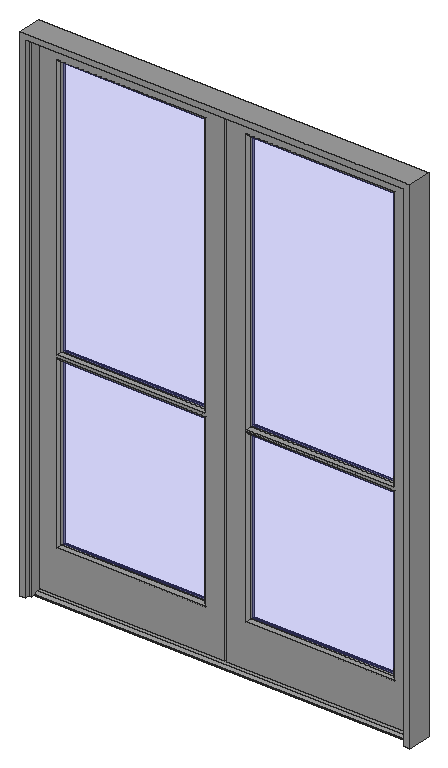
Revit family "MS-375 PIVOT DOOR-Double-0.25-CW_v05", category Curtain Panels, Revit 2015
Parameters
  Width [instance] = 6' - 2"
  URL = "obe.com"
  Rough Width = 6' - 0"
  Panel Width [instance] = Min Panel Width  # 6' - 0"
  Panel Offset [instance] = 0' - 0"
  Offset [instance] = 0' - 1"
  Model = "MS-375 DOOR"
  Min Rough Width = if(Rough Width > 6' 1 255/256", Rough Width, 6' 2")  # 6' - 2"
  Min Panel Width = if(Rough Width > 6' 1 255/256", Rough Width - 0' 2", 6' 0")  # 6' - 0"
  Manufacturer = "Oldcastle BuildingEnvelope®"
  Keynote = "08 11 00"
  Height [instance] = 8' - 0"
  Pushbar Height [instance] = 3' - 5 1/4"  # constant formula
  Glass Material = Glass
  Frame Material = Aluminum
  Door Panel Height [instance] = Height - 0' 0 19/32"  # 7' - 11 13/32"
  Description = "MS-375 - 1/4\" Door Infill"
  Assembly Code = "B2030"
  Analytic Construction = "<None>"
  8 Muntin [instance] = no
  6.5 Muntin [instance] = no
  10 Bottom Rail [instance] = not([8 Bottom Rail])  # no
  4 Muntin [instance] = no
  8 Bottom Rail [instance] = yes
  1.875 Muntin [instance] = no
  0.5 Muntin [instance] = if(or([1.875 Muntin], [4 Muntin], [6.5 Muntin], [8 Muntin]), 1 = 2, 1 = 1)  # yes
Reference planes (in)
  plane 1 "Front": y = 0
  plane 2: z = 0
  plane 3 "Center (Left/Right)": x = 0
  plane 4 "Left": x = -37
  plane 5 "Right": x = 37
  plane 6 "Top": z = 96
  plane 7 "Offset": y = -1
  plane 8: y = -2.28244
  plane 9: y = -2.28244
  plane 10: x = -37
  plane 11: x = 37
Forms (in)
  Sweep 1, solid, material "Aluminum" <- "Frame Material"
    path origin (0, -1, 0) x (-1, 0, 0) y (0, 0, 1)
      loop
        line (37, 0) -> (37, 96)
    profile origin (-37, -1, 48) x (1, 0, 0) y (0, 1, 0)
      loop
        line (1, -1.97) -> (1, 0) -> (0, 0) -> (0, -4.5) -> (1, -4.5) -> (1, -3.595) -> (1.5, -3.595) -> (1.5, -1.97) -> (1, -1.97)
  Sweep 2, solid, material "Aluminum" <- "Frame Material"
    path origin (0, -1, 0) x (-1, 0, 0) y (0, 0, 1)
      loop
        line (-37, 0) -> (-37, 96)
    profile origin (37, -1, 48) x (1, 0, 0) y (0, 1, 0)
      loop
        line (-1, -1.97) -> (-1.5, -1.97) -> (-1.5, -3.595) -> (-1, -3.595) -> (-1, -4.5) -> (0, -4.5) -> (0, 0) -> (-1, 0) -> (-1, -1.97)
  Extrusion 3, solid, material "Aluminum" <- "Frame Material"
    sketch origin (-37, 0, 0) x (0, -1, 0) y (0, 0, 1)
      loop
        line (2.97, 94.5) -> (4.595, 94.5) -> (4.595, 95) -> (5.5, 95) -> (5.5, 96) -> (1, 96) -> (1, 95) -> (2.97, 95) -> (2.97, 94.5)
    from -74 to 0
Cuts and joins
  joined: Sweep 1, Sweep 2, Extrusion 3
Text (in)
  text "Exterior" at (-54.29358, 31.38743, 0), in view "Ref. Level"
  text "Exterior" at (480, 41.53993, 89.60405), in view "Right"
  text "Exterior" at (-240, 57.82419, 105.78864), in view "Left"
Dimensions and locks (in)
  equal spacing: plane 4 "Left", plane 3 "Center (Left/Right)", plane 5 "Right"
  "Width": plane 4 "Left" to plane 5 "Right"
  "Height": plane 6 "Top" to plane 2
  "Offset": plane 1 "Front" to plane 7 "Offset"
  locked: plane 7 "Offset" to plane 8 at 1.28244
  locked: plane 7 "Offset" to plane 9 at 1.28244
  locked: plane 7 "Offset" to nested 4 at 1.28244
  Extrusion 3 sketch curve to Extrusion 3 sketch curve to Extrusion 3 sketch curve = 0' - 0 1/2" locked, 0' - 0" locked
  locked: Extrusion 3 sketch curve to Extrusion 3 sketch curve at 1
  plane 7 "Offset" to Extrusion 3 sketch curve to Extrusion 3 sketch curve to Extrusion 3 sketch curve to Extrusion 3 sketch curve = 0' - 0" locked, 0' - 1.97" locked, 0' - 1 5/8" locked, 0' - 0.905" locked
  equal spacing: plane 10, plane 3 "Center (Left/Right)", plane 11
  "Min Rough Width": plane 10 to plane 11
  aligned and locked: level to plane 2
  aligned and locked: nested 2 to plane 8
  aligned and locked: plane 9 to nested 3
  aligned and locked: plane 6 "Top" to Sweep 1 sketch curve
  aligned and locked: level to Sweep 1 sketch curve
  aligned and locked: plane 6 "Top" to Sweep 2 sketch curve
  aligned and locked: level to Sweep 2 sketch curve
  aligned and locked: plane 6 "Top" to nested 4
  aligned and locked: Extrusion 3 to plane 6 "Top"
  aligned and locked: Extrusion 3 sketch curve to plane 6 "Top"
  aligned and locked: nested 1 to plane 7 "Offset"  (x2)
  aligned and locked: plane 3 "Center (Left/Right)" to nested 1
  aligned and locked: nested 3 to plane 10
  aligned and locked: nested 2 to plane 11
  aligned and locked: Sweep 1 sketch curve to plane 10
  aligned and locked: cut or joined group of Sweep 1, Sweep 2, Extrusion 3 to plane 10
  aligned and locked: Sweep 2 sketch curve to plane 11
  aligned and locked: plane 11 to cut or joined group of Sweep 1, Sweep 2, Extrusion 3
Automatic sketch dimensions
  Sweep 1 sketch curve to profile plane = 0' - 0"
  Sweep 1 sketch curve to plane 7 "Offset" = 0' - 0"
  Sweep 1 sketch curve to profile plane = 0' - 1"  (x2)
  Sweep 1 sketch curve to Sweep 1 sketch curve = 0' - 0 1/2"
  Sweep 1 sketch curve to plane 7 "Offset" = 0' - 1.97"
  Sweep 1 sketch curve to Sweep 1 sketch curve = 0' - 1 5/8"
  Sweep 1 sketch curve to Sweep 1 sketch curve = 0' - 0.905"
  Sweep 2 sketch curve to plane 7 "Offset" = 0' - 0"
  Sweep 2 sketch curve to profile plane = 0' - 0"
  profile plane to Sweep 2 sketch curve = 0' - 1"  (x2)
  Sweep 2 sketch curve to Sweep 2 sketch curve = 0' - 0 1/2"
  Sweep 2 sketch curve to plane 7 "Offset" = 0' - 1.97"
  Sweep 2 sketch curve to Sweep 2 sketch curve = 0' - 1 5/8"
  Sweep 2 sketch curve to Sweep 2 sketch curve = 0' - 0.905"
Nested families (in)
  nested 1: "MS-375 PIVOT DOOR-Double-0.25-Panel_v04" at (0, -17, 0), Frame Material <- "Frame Material", Glass Material <- "Glass Material", 0.5 Muntin <- "0.5 Muntin", 1.875 Muntin <- "1.875 Muntin", 4 Muntin <- "4 Muntin", 6.5 Muntin <- "6.5 Muntin", 8 Muntin <- "8 Muntin", Height <- "Door Panel Height", Width <- "Min Panel Width", 8 Bottom Rail <- "8 Bottom Rail", type "MS-375 PIVOT DOOR-Double-0.25-Panel_v04"
    with Wing Width 3' - 0", built-in parameter 1001301 6' - 0", Pushbar Height 3' - 5 1/4", Offset 0' - 0", built-in parameter 1001300 7' - 11 13/32", Glass at Muntin 0' - 1 1/16", Glass Material Glass, Frame Material Aluminum, Bottom Rail 0' - 8 31/32", 8 Muntin no, 8 Bottom Rail yes, 6.5 Muntin no, 4 Muntin no, 1.875 Muntin no, 0.5 Muntin yes
  nested 2: "2.5x6-RTCIG CW-H8533-DHD-OHD SC-DI" at (37, -2.28244, 0) x (0, -1, 0) z (0, 0, 1), type "2.5x6-RTCIG CW-H8533-DHD-OHD SC-DI"
  nested 3: "2.5x6-RTCIG CW-H8533-DHD-OHD SC-DI" at (-37, -2.28244, 0) x (0, -1, 0) z (0, 0, 1), type "2.5x6-RTCIG CW-H8533-DHD-OHD SC-DI"
  nested 4: "2.5x6-RTCIG CW-H8533-DHD-OHD SC-DI" at (-33, -2.28244, 96) x (0, -1, 0) z (-1, 0, 0), type "2.5x6-RTCIG CW-H8533-DHD-OHD SC-DI"
Definition of nested family "MS-375 PIVOT DOOR-Double-0.25-Panel_v04"
  Parameters (values of type "MS-375 PIVOT DOOR-Double-0.25-Panel_v04")
    Wing Width [instance] = Width / 2  # 3' - 0"
    Width [instance] = 6' - 0"
    Offset [instance] = 0' - 10 29/32"
    Height [instance] = 8' - 0"
    Glass at Muntin [instance] = if([8 Muntin], 0' 8 9/16", if([6.5 Muntin], 0' 7 1/16", if([4 Muntin], 0' 4 9/16", if([1.875 Muntin], 0' 2 109/256", 0' 1 1/16"))))  # 0' - 1 1/16"
    Pushbar Height [instance] = 3' - 5 1/4"  # constant formula
    Glass Material [instance] = none
    Frame Material [instance] = none
    Bottom Rail [instance] = if([8 Bottom Rail], 0' 8 31/32", 0' 10 31/32")  # 0' - 8 31/32"
    Analytic Construction = "<None>"
    8 Muntin [instance] = no
    6.5 Muntin [instance] = no
    4 Muntin [instance] = no
    8 Bottom Rail [instance] = yes
    1.875 Muntin [instance] = no
    0.5 Muntin [instance] = if(or([1.875 Muntin], [4 Muntin], [6.5 Muntin], [8 Muntin]), 1 = 2, 1 = 1)  # yes
  Reference planes (in)
    plane 1 "00": y = 4.09375
    plane 2: z = 0
    plane 3 "Center (Left/Right)": x = 0
    plane 4: z = 96
    plane 5: x = 36
    plane 6: x = -36
    plane 7 "Center (Front/Back)": y = 16
    plane 8 "Exterior": y = 4.21875
    plane 9: z = 48
    plane 10: z = 92.18737
    plane 11: z = 41.78125
    plane 12: z = 40.71875
    plane 13: z = 8.96875
    plane 14 "Offset": y = 5.09375
    plane 15: z = 41.25
  Forms (in)
    Sweep 1, solid, material <- "Frame Material"
      path origin (0, 4.09375, 0) x (1, 0, 0) y (0, 0, 1)
        loop
          line (-35.79246, 96) -> (-0.22004, 96)
      profile origin (-18.00625, 4.09375, 96) x (0, 0, 1) y (0, -1, 0)
        loop
          line (-0.40638, -0.875) -> (-0.40638, 0.875) -> (-3.52731, 0.875) -> (-4.03138, 0.45204) -> (-4.03138, 0.125) -> (-3.81263, 0.125) -> (-3.81263, -0.125) -> (-4.03138, -0.125) -> (-4.03138, -0.45204) -> (-3.52731, -0.875) -> (-0.40638, -0.875)
    Sweep 2, solid, material <- "Frame Material"
      path origin (0, 4.09375, 0) x (1, 0, 0) y (0, 0, 1)
        loop
          line (-0.22004, 0) -> (-35.79246, 0)
      profile origin (-18.00625, 4.09375, 0) x (0, 0, -1) y (0, -1, 0)
        loop
          line (-8.68343, -0.875) -> (-0.6875, -0.875) -> (-0.6875, 0.875) -> (-8.68343, 0.875) -> (-9.1875, 0.45204) -> (-9.1875, 0.125) -> (-8.96875, 0.125) -> (-8.96875, -0.125) -> (-9.1875, -0.125) -> (-9.1875, -0.45204) -> (-8.68343, -0.875)
    Sweep 3, solid, material <- "Frame Material"
      path origin (0, 4.09375, 0) x (1, 0, 0) y (0, 0, 1)
        loop
          line (36, 95.59362) -> (36, 0.6875)
      profile origin (36, 4.09375, 48.14056) x (0, -1, 0) y (1, 0, 0)
        loop
          line (0.875, -0.19796) -> (-0.875, -0.08896) -> (-0.875, -3.83376) -> (-0.45204, -4.33783) -> (-0.125, -4.33783) -> (-0.125, -4.11908) -> (0.125, -4.11908) -> (0.125, -4.33783) -> (0.45204, -4.33783) -> (0.875, -3.83376) -> (0.875, -0.19796)
    Sweep 4, solid, material <- "Frame Material"
      path origin (0, 4.09375, 0) x (1, 0, 0) y (0, 0, 1)
        loop
          line (-36, 95.59362) -> (-36, 0.6875)
      profile origin (-36, 4.09375, 48.14056) x (0, -1, 0) y (1, 0, 0)
        loop
          line (-0.875, 0.09854) -> (0.875, 0.20754) -> (0.875, 3.84334) -> (0.45204, 4.34741) -> (0.125, 4.34741) -> (0.125, 4.12866) -> (-0.125, 4.12866) -> (-0.125, 4.34741) -> (-0.45204, 4.34741) -> (-0.875, 3.84334) -> (-0.875, 0.09854)
    Sweep 5, solid, material <- "Frame Material"
      path origin (0, 4.09375, 0) x (1, 0, 0) y (0, 0, 1)
        loop
          line (-3.80843, 48) -> (-35.79246, 48)
      profile origin (-19.80045, 4.09375, 48) x (0, 0, -1) y (0, -1, 0)
        loop
          line (6, 0.45204) -> (6, 0.125) -> (6.21875, 0.125) -> (6.21875, -0.125) -> (6, -0.125) -> (6, -0.45204) -> (6.50407, -0.875) -> (6.99593, -0.875) -> (7.5, -0.45204) -> (7.5, -0.125) -> (7.28125, -0.125) -> (7.28125, 0.125) -> (7.5, 0.125) -> (7.5, 0.45204) -> (6.99593, 0.875) -> (6.50407, 0.875) -> (6, 0.45204)
    Sweep 6, solid, material <- "Frame Material"
      path origin (0, 4.09375, 0) x (1, 0, 0) y (0, 0, 1)
        loop
          line (0, 95.59362) -> (0, 0.6875)
      profile origin (0, 4.09375, 48.14056) x (0, -1, 0) y (1, 0, 0)
        loop
          line (-0.875, -0.22004) -> (-0.875, -3.80843) -> (-0.45204, -4.3125) -> (-0.125, -4.3125) -> (-0.125, -4.09375) -> (0.125, -4.09375) -> (0.125, -4.3125) -> (0.45204, -4.3125) -> (0.875, -3.80843) -> (0.875, -0.22004)
          arc (0.875, -0.22004) -> (0, -0.0625) -> (-0.875, -0.22004) r 2.50872
        loop
          arc (-0.875, 0.22004) -> (0, 0.0625) -> (0.875, 0.22004) r 2.50872
          line (0.875, 0.22004) -> (0.875, 3.80843) -> (0.45204, 4.3125) -> (0.125, 4.3125) -> (0.125, 4.09375) -> (-0.125, 4.09375) -> (-0.125, 4.3125) -> (-0.45204, 4.3125) -> (-0.875, 3.80843) -> (-0.875, 0.22004)
    Sweep 7, solid, material <- "Frame Material"
      path origin (0, 4.09375, 0) x (1, 0, 0) y (0, 0, 1)
        loop
          line (0.22004, 96) -> (35.80204, 96)
      profile origin (18.01104, 4.09375, 96) x (0, 0, 1) y (0, -1, 0)
        loop
          line (-0.40638, -0.875) -> (-0.40638, 0.875) -> (-3.52731, 0.875) -> (-4.03138, 0.45204) -> (-4.03138, 0.125) -> (-3.81263, 0.125) -> (-3.81263, -0.125) -> (-4.03138, -0.125) -> (-4.03138, -0.45204) -> (-3.52731, -0.875) -> (-0.40638, -0.875)
    Sweep 8, solid, material <- "Frame Material"
      path origin (0, 4.09375, 0) x (1, 0, 0) y (0, 0, 1)
        loop
          line (35.80204, 48) -> (3.80843, 48)
      profile origin (19.80524, 4.09375, 48) x (0, 0, -1) y (0, -1, 0)
        loop
          line (6, 0.45204) -> (6, 0.125) -> (6.21875, 0.125) -> (6.21875, -0.125) -> (6, -0.125) -> (6, -0.45204) -> (6.50407, -0.875) -> (6.99593, -0.875) -> (7.5, -0.45204) -> (7.5, -0.125) -> (7.28125, -0.125) -> (7.28125, 0.125) -> (7.5, 0.125) -> (7.5, 0.45204) -> (6.99593, 0.875) -> (6.50407, 0.875) -> (6, 0.45204)
    Sweep 9, solid, material <- "Frame Material"
      path origin (0, 4.09375, 0) x (1, 0, 0) y (0, 0, 1)
        loop
          line (35.80204, 0) -> (0.22004, 0)
      profile origin (18.01104, 4.09375, 0) x (0, 0, -1) y (0, -1, 0)
        loop
          line (-8.68343, -0.875) -> (-0.6875, -0.875) -> (-0.6875, 0.875) -> (-8.68343, 0.875) -> (-9.1875, 0.45204) -> (-9.1875, 0.125) -> (-8.96875, 0.125) -> (-8.96875, -0.125) -> (-9.1875, -0.125) -> (-9.1875, -0.45204) -> (-8.68343, -0.875)
    Extrusion 10, solid, material <- "Glass Material"
      sketch origin (0, 0, 0) x (1, 0, 0) y (0, 1, 0)
        loop
          line (-31.87021, 4.21875) -> (-31.87021, 3.96875) -> (-4.09375, 3.96875) -> (-4.09375, 4.21875) -> (-31.87021, 4.21875)
      from 8.96875 to 40.71875
    Extrusion 11, solid, material <- "Glass Material"
      sketch origin (0, 0, 0) x (1, 0, 0) y (0, 1, 0)
        loop
          line (4.09375, 4.21875) -> (4.09375, 3.96875) -> (31.87979, 3.96875) -> (31.87979, 4.21875) -> (4.09375, 4.21875)
      from 8.96875 to 40.71875
    Extrusion 12, solid, material <- "Glass Material"
      sketch origin (0, 0, 0) x (1, 0, 0) y (0, 1, 0)
        loop
          line (-4.09375, 4.21875) -> (-31.87021, 4.21875) -> (-31.87021, 3.96875) -> (-4.09375, 3.96875) -> (-4.09375, 4.21875)
      from 41.78125 to 92.18737
    Extrusion 13, solid, material <- "Glass Material"
      sketch origin (0, 0, 0) x (1, 0, 0) y (0, 1, 0)
        loop
          line (31.87979, 4.21875) -> (4.09375, 4.21875) -> (4.09375, 3.96875) -> (31.87979, 3.96875) -> (31.87979, 4.21875)
      from 41.78125 to 92.18737
    Sweep 14, solid, material <- "Frame Material"
      path origin (0, 5.09375, 0) x (1, 0, 0) y (0, 0, 1)
        loop
          line (-35.79246, 0) -> (35.80204, 0)
      profile origin (0.00479, 5.09375, 0) x (0, 0, 1) y (0, -1, 0)
        loop
          line (0.5, 2.468) -> (0.19364, 3.125) -> (0, 3.125) -> (0, -0.875) -> (0.19364, -0.875) -> (0.5, -0.218) -> (0.5, 2.468)
  Cuts and joins
    joined: Sweep 1, Sweep 2, Sweep 3, Sweep 4, Sweep 5, Sweep 6, Sweep 7, Sweep 8, Sweep 9
  Lines and regions (in)
    model lines
      curve 1: line (4.09375, 4.21875, 92.18737) -> (31.66217, 4.21875, 48)
      curve 2: line (31.66217, 4.21875, 48) -> (4.09375, 4.21875, 8.96875)
      curve 3: line (-4.09375, 4.21875, 92.18737) -> (-31.65259, 4.21875, 48)
      curve 4: line (-31.65259, 4.21875, 48) -> (-4.09375, 4.21875, 8.96875)
  Dimensions and locks (in)
    "Height": plane 4 to level
    "Width": plane 6 to plane 5
    "Offset": plane 14 "Offset" to plane 7 "Center (Front/Back)"
    plane 1 "00" to plane 8 "Exterior" to plane 14 "Offset" = 0' - 0 1/8" locked, 0' - 0 7/8" locked
    equal spacing: level, plane 9, plane 4
    Sweep 2 sketch curve to plane 6 = 0' - 0.20754"
    locked: plane 3 "Center (Left/Right)" to Sweep 2 sketch curve at 0.22004
    locked: Sweep 3 sketch curve to plane 4 at 0.40638
    locked: Sweep 4 sketch curve to plane 4 at 0.40638
    locked: Sweep 1 sketch curve to plane 6 at 0.20754
    locked: plane 3 "Center (Left/Right)" to Sweep 1 sketch curve at 0.22004
    Sweep 2 sketch curve to Sweep 2 sketch curve to plane 13 to Sweep 2 sketch curve to Sweep 2 sketch curve = 0' - 0" locked, 0' - 0 7/32" locked, 0' - 0.28532" locked, 0' - 0" locked
    locked: plane 3 "Center (Left/Right)" to Sweep 5 sketch curve at 3.80843
    locked: Sweep 5 sketch curve to plane 6 at 0.20754
    "Glass at Muntin": plane 11 to plane 12
    plane 11 to Sweep 5 sketch curve to Sweep 5 sketch curve = 0' - 0.28532" locked, 0' - 0" locked
    Sweep 5 sketch curve to Sweep 5 sketch curve to plane 12 to Sweep 5 sketch curve to Sweep 5 sketch curve = 0' - 0" locked, 0' - 0.28532" locked, 0' - 0 7/32" locked, 0' - 0" locked
    locked: Sweep 7 sketch curve to plane 3 "Center (Left/Right)" at 0.22004
    locked: plane 5 to Sweep 7 sketch curve at 0.19796
    Sweep 8 sketch curve to Sweep 8 sketch curve to plane 12 to Sweep 8 sketch curve to Sweep 8 sketch curve = 0' - 0" locked, 0' - 0.28532" locked, 0' - 0 7/32" locked, 0' - 0" locked
    locked: plane 5 to Sweep 8 sketch curve at 0.19796
    Sweep 8 sketch curve to plane 3 "Center (Left/Right)" = 0' - 3.80843"
    Sweep 9 sketch curve to Sweep 9 sketch curve to plane 13 to Sweep 9 sketch curve to Sweep 9 sketch curve = 0' - 0" locked, 0' - 0 7/32" locked, 0' - 0.28532" locked, 0' - 0" locked
    locked: plane 5 to Sweep 9 sketch curve at 0.19796
    locked: Sweep 9 sketch curve to plane 3 "Center (Left/Right)" at 0.22004
    Extrusion 11 sketch curve to plane 1 "00" to Extrusion 11 sketch curve = 0' - 0 1/8" locked, 0' - 0 1/8" locked
    locked: Extrusion 11 sketch curve to plane 5 at 4.12021
    locked: plane 3 "Center (Left/Right)" to Extrusion 11 sketch curve at 4.09375
    Extrusion 10 sketch curve to plane 1 "00" to Extrusion 10 sketch curve = 0' - 0 1/8" locked, 0' - 0 1/8" locked
    locked: plane 6 to Extrusion 10 sketch curve at 4.12979
    locked: Extrusion 10 sketch curve to plane 3 "Center (Left/Right)" at 4.09375
    "Bottom Rail": level to plane 13
    locked: plane 6 to Extrusion 12 sketch curve at 4.12979
    locked: Extrusion 12 sketch curve to plane 3 "Center (Left/Right)" at 4.09375
    Extrusion 12 sketch curve to plane 1 "00" to Extrusion 12 sketch curve = 0' - 0 1/8" locked, 0' - 0 1/8" locked
    locked: plane 4 to plane 10 at 3.81263
    Extrusion 13 sketch curve to plane 1 "00" to Extrusion 13 sketch curve = 0' - 0 1/8" locked, 0' - 0 1/8" locked
    locked: Extrusion 13 sketch curve to plane 5 at 4.12021
    locked: plane 3 "Center (Left/Right)" to Extrusion 13 sketch curve at 4.09375
    locked: Sweep 6 sketch curve to plane 4 at 0.40638
    Sweep 8 sketch curve to Sweep 8 sketch curve to plane 11 = 0' - 0" locked, 0' - 0.28532" locked
    equal spacing: plane 6, plane 3 "Center (Left/Right)", plane 5
    equal spacing: plane 12, plane 15, plane 11
    "Pushbar Height": plane 2 to plane 15
    locked: plane 5 to Sweep 14 sketch curve at 0.19796
    locked: Sweep 14 sketch curve to plane 6 at 0.20754
    locked: Sweep 4 sketch curve to plane 2 at 0.6875
    locked: Sweep 6 sketch curve to plane 2 at 0.6875
    locked: Sweep 3 sketch curve to plane 2 at 0.6875
    locked: nested 1 to plane 1 "00" at 1.093
    aligned and locked: plane 2 to level
    aligned and locked: plane 3 "Center (Left/Right)" to nested 1
    aligned and locked: Sweep 1 sketch curve to plane 4
    aligned and locked: Sweep 2 sketch curve to level
    aligned and locked: level to nested 2
    aligned and locked: nested 2 to plane 1 "00"
    aligned and locked: plane 5 to Sweep 3 sketch curve
    aligned and locked: plane 6 to Sweep 4 sketch curve
    aligned and locked: Sweep 5 sketch curve to plane 9
    aligned and locked: plane 3 "Center (Left/Right)" to Sweep 6 sketch curve
    aligned and locked: Sweep 9 sketch curve to level
    aligned and locked: Sweep 8 sketch curve to plane 9
    aligned and locked: plane 4 to Sweep 7 sketch curve
    aligned and locked: Extrusion 12 to cut or joined group of Sweep 1, Sweep 2, Sweep 3, Sweep 4, Sweep 5, Sweep 6, Sweep 7, Sweep 8, Sweep 9
    aligned and locked: Extrusion 13 to cut or joined group of Sweep 1, Sweep 2, Sweep 3, Sweep 4, Sweep 5, Sweep 6, Sweep 7, Sweep 8, Sweep 9
    aligned and locked: Extrusion 12 to plane 10
    aligned and locked: Extrusion 10 to plane 12
    aligned and locked: plane 11 to Extrusion 12
    aligned and locked: plane 13 to Extrusion 10
    aligned and locked: Extrusion 13 to plane 10
    aligned and locked: plane 11 to Extrusion 13
    aligned and locked: Extrusion 11 to plane 12
    aligned and locked: plane 13 to Sweep 9 sketch curve
    aligned and locked: Sweep 5 sketch curve to plane 12
    aligned and locked: cut or joined group of Sweep 1, Sweep 2, Sweep 3, Sweep 4, Sweep 5, Sweep 6, Sweep 7, Sweep 8, Sweep 9 to curve 2
    aligned and locked: plane 13 to curve 2
    aligned and locked: cut or joined group of Sweep 1, Sweep 2, Sweep 3, Sweep 4, Sweep 5, Sweep 6, Sweep 7, Sweep 8, Sweep 9 to curve 1
    aligned and locked: curve 3 to cut or joined group of Sweep 1, Sweep 2, Sweep 3, Sweep 4, Sweep 5, Sweep 6, Sweep 7, Sweep 8, Sweep 9
    aligned and locked: plane 9 to curve 3
    aligned and locked: cut or joined group of Sweep 1, Sweep 2, Sweep 3, Sweep 4, Sweep 5, Sweep 6, Sweep 7, Sweep 8, Sweep 9 to curve 4
    aligned and locked: plane 13 to curve 4
    aligned and locked: plane 13 to Extrusion 11
    aligned and locked: Sweep 14 sketch curve to plane 2
  Automatic sketch dimensions
    plane 1 "00" to Sweep 6 sketch curve = 0' - 0"  (x2)
    Sweep 6 sketch curve to plane 1 "00" = 0' - 0 1/8"  (x2)
    Sweep 6 sketch curve to Sweep 6 sketch curve = 0' - 0.32704"  (x4)
    Sweep 6 sketch curve to profile plane = 0' - 0.22004"
    Sweep 6 sketch curve to plane 1 "00" = 0' - 0 7/8"
    Sweep 6 sketch curve to Sweep 6 sketch curve = 0' - 0.42296"  (x3)
    plane 1 "00" to Sweep 6 sketch curve = 0' - 0 1/8"  (x2)
    profile plane to Sweep 6 sketch curve = 0' - 0.22004"
    Sweep 6 sketch curve to Sweep 6 sketch curve = 0' - 3.58839"  (x2)
    Sweep 6 sketch curve to Sweep 6 sketch curve = 0' - 0"  (x2)
    Sweep 6 sketch curve to Sweep 6 sketch curve = 0' - 0.28532"  (x2)
    Sweep 6 sketch curve to Sweep 6 sketch curve = 0' - 1.52253"  (x2)
    Sweep 6 sketch curve to Sweep 6 sketch curve = 0' - 1.74128"  (x4)
    plane 1 "00" to Sweep 1 sketch curve = 0' - 0 1/8"
    profile plane to Sweep 1 sketch curve = 0' - 4.03138"
    Sweep 1 sketch curve to plane 1 "00" = 0' - 0.45204"
    Sweep 1 sketch curve to Sweep 1 sketch curve = 0' - 0"
    Sweep 1 sketch curve to Sweep 1 sketch curve = 0' - 0 7/32"
    plane 1 "00" to Sweep 1 sketch curve = 0' - 0 7/8"
    Sweep 1 sketch curve to Sweep 1 sketch curve = 0' - 0.50407"  (x2)
    profile plane to Sweep 1 sketch curve = 0' - 0.40638"
    Sweep 1 sketch curve to plane 1 "00" = 0' - 0 7/8"
    Sweep 1 sketch curve to plane 1 "00" = 0' - 0 1/8"
    Sweep 1 sketch curve to Sweep 1 sketch curve = 0' - 0.32704"
    Sweep 5 sketch curve to Sweep 5 sketch curve = 0' - 0 7/32"  (x2)
    Sweep 5 sketch curve to plane 1 "00" = 0' - 0 7/8"
    Sweep 5 sketch curve to plane 1 "00" = 0' - 0.45204"  (x2)
    Sweep 5 sketch curve to plane 1 "00" = 0' - 0 1/8"  (x2)
    plane 1 "00" to Sweep 5 sketch curve = 0' - 0 1/8"  (x2)
    Sweep 5 sketch curve to Sweep 5 sketch curve = 0' - 0.32704"  (x2)
    Sweep 5 sketch curve to Sweep 5 sketch curve = 0' - 0.42296"
    profile plane to Sweep 2 sketch curve = 0' - 0 11/16"
    Sweep 2 sketch curve to plane 1 "00" = 0' - 0.45204"
    Sweep 2 sketch curve to plane 1 "00" = 0' - 0 1/8"
    plane 1 "00" to Sweep 2 sketch curve = 0' - 0 1/8"
    Sweep 2 sketch curve to Sweep 2 sketch curve = 0' - 0.32704"
    Sweep 2 sketch curve to Sweep 2 sketch curve = 0' - 0.42296"  (x2)
    Sweep 2 sketch curve to Sweep 2 sketch curve = 0' - 0 7/32"
    plane 1 "00" to Sweep 7 sketch curve = 0' - 0 1/8"
    profile plane to Sweep 7 sketch curve = 0' - 4.03138"
    Sweep 7 sketch curve to plane 1 "00" = 0' - 0.45204"
    Sweep 7 sketch curve to Sweep 7 sketch curve = 0' - 0"
    Sweep 7 sketch curve to Sweep 7 sketch curve = 0' - 0 7/32"
    plane 1 "00" to Sweep 7 sketch curve = 0' - 0 7/8"
    Sweep 7 sketch curve to Sweep 7 sketch curve = 0' - 0.50407"  (x2)
    profile plane to Sweep 7 sketch curve = 0' - 0.40638"
    Sweep 7 sketch curve to plane 1 "00" = 0' - 0 7/8"
    Sweep 7 sketch curve to plane 1 "00" = 0' - 0 1/8"
    Sweep 7 sketch curve to Sweep 7 sketch curve = 0' - 0.32704"
    profile plane to Sweep 9 sketch curve = 0' - 0 11/16"
    Sweep 9 sketch curve to plane 1 "00" = 0' - 0.45204"
    Sweep 9 sketch curve to plane 1 "00" = 0' - 0 1/8"
    plane 1 "00" to Sweep 9 sketch curve = 0' - 0 1/8"
    Sweep 9 sketch curve to Sweep 9 sketch curve = 0' - 0.32704"
    Sweep 9 sketch curve to Sweep 9 sketch curve = 0' - 0.42296"  (x2)
    Sweep 8 sketch curve to Sweep 8 sketch curve = 0' - 0 7/32"  (x3)
    Sweep 8 sketch curve to plane 1 "00" = 0' - 0 7/8"
    Sweep 8 sketch curve to plane 1 "00" = 0' - 0.45204"  (x2)
    Sweep 8 sketch curve to plane 1 "00" = 0' - 0 1/8"  (x2)
    plane 1 "00" to Sweep 8 sketch curve = 0' - 0 1/8"  (x2)
    Sweep 8 sketch curve to Sweep 8 sketch curve = 0' - 0.32704"  (x2)
    Sweep 8 sketch curve to Sweep 8 sketch curve = 0' - 0.42296"
    Sweep 3 sketch curve to plane 1 "00" = 0' - 0 7/8"
    Sweep 3 sketch curve to plane 1 "00" = 0' - 0.45204"
    Sweep 3 sketch curve to plane 1 "00" = 0' - 0 1/8"
    plane 1 "00" to Sweep 3 sketch curve = 0' - 0 1/8"
    Sweep 3 sketch curve to Sweep 3 sketch curve = 0' - 0.32704"
    Sweep 3 sketch curve to Sweep 3 sketch curve = 0' - 0.42296"
    profile plane to Sweep 3 sketch curve = 0' - 4.33783"
    Sweep 3 sketch curve to Sweep 3 sketch curve = 0' - 0"
    Sweep 3 sketch curve to Sweep 3 sketch curve = 0' - 0 7/32"
    Sweep 3 sketch curve to Sweep 3 sketch curve = 0' - 0.50407"  (x2)
    profile plane to Sweep 3 sketch curve = 0' - 0.08896"
    profile plane to Sweep 3 sketch curve = 0' - 0.19796"
    Sweep 4 sketch curve to plane 1 "00" = 0' - 0 7/8"
    Sweep 4 sketch curve to plane 1 "00" = 0' - 0.45204"
    Sweep 4 sketch curve to plane 1 "00" = 0' - 0 1/8"
    plane 1 "00" to Sweep 4 sketch curve = 0' - 0 1/8"
    Sweep 4 sketch curve to Sweep 4 sketch curve = 0' - 0.32704"
    Sweep 4 sketch curve to Sweep 4 sketch curve = 0' - 0.42296"
    Sweep 4 sketch curve to profile plane = 0' - 3.84334"
    Sweep 4 sketch curve to Sweep 4 sketch curve = 0' - 0"
    Sweep 4 sketch curve to Sweep 4 sketch curve = 0' - 0.28532"
    Sweep 4 sketch curve to Sweep 4 sketch curve = 0' - 0 7/32"  (x2)
    Sweep 4 sketch curve to profile plane = 0' - 0.20754"
    Sweep 4 sketch curve to profile plane = 0' - 0.09854"
    Sweep 8 sketch curve to Sweep 8 sketch curve = 0' - 0.28532"
    Sweep 5 sketch curve to Sweep 5 sketch curve = 0' - 0.28532"
    curve 2 to plane 9 = 0' - 0"
    curve 3 to plane 10 = 0' - 0"
    curve 1 to plane 10 = 0' - 0"
    curve 2 to plane 5 = 0' - 4.33783"
    plane 6 to curve 3 = 0' - 4.34741"
    Sweep 14 sketch curve to profile plane = 0' - 0.19364"  (x2)
    Sweep 14 sketch curve to plane 14 "Offset" = 0' - 0.218"
    Sweep 14 sketch curve to Sweep 14 sketch curve = 0' - 2.686"
    Sweep 14 sketch curve to profile plane = 0' - 0"
    Sweep 14 sketch curve to Sweep 14 sketch curve = 0' - 0.657"  (x2)
    Sweep 14 sketch curve to profile plane = 0' - 0 1/2"
  Nested families (in)
    nested 1: "MS-375 PIVOT DOOR-Double-0.25-Plan View_v02" at (0, 4.09375, 0), Width <- "Width", Wing Width <- "Wing Width", type "MS-375 PIVOT DOOR-Double-0.25-Plan View_v02"
      with Wing Width 3' - 0", Width 6' - 0"
    nested 2: "MS-375 PIVOT DOOR-Double-0.25-Section_v02" at (0, 4.09375, 0) x (0, -1, 0) z (1, 0, 0), Height <- "Height", 0.5 Muntin <- "0.5 Muntin", 1.875 Muntin <- "1.875 Muntin", 4 Muntin <- "4 Muntin", 6.5 Muntin <- "6.5 Muntin", 8 Muntin <- "8 Muntin", 8 Bottom Rail <- "8 Bottom Rail", type "MS-375 PIVOT DOOR-Double-0.25-Section_v02"
      with Pushbar Height 3' - 5 1/4", Height 8' - 0", Glass at Muntins 0' - 1 1/16", Bottom Rail 0' - 8 31/32", 8 Muntin no, 8 Bottom Rail yes, 6.5 Muntin no, 4 Muntin no, 10 Bottom Rail no, 1.875 Muntin no, 0.5 Muntin yes
  Definition of nested family "MS-375 PIVOT DOOR-Double-0.25-Plan View_v02"
    Parameters (values of type "MS-375 PIVOT DOOR-Double-0.25-Plan View_v02")
      Wing Width [instance] = Width / 2  # 3' - 0"
      Width [instance] = 6' - 0"
    Reference planes (in)
      plane 1 "Center (Front/Back)": y = 0
      plane 2: z = 0
      plane 3 "Center (Left/Right)": x = 0
      plane 4: x = -36
      plane 5: x = 36
      plane 6: x = 34.65625
      plane 7: x = -34.65625
      plane 8: y = -1.093
      plane 9: x = 35.90625
      plane 10: y = 1.25
      plane 11: y = 37.25
      plane 12: x = -35.90625
      plane 13: y = 1.25
    Lines and regions (in)
      detail lines, in view "Ref. Level", not visible
        curve 1: line (-31.875, 0.125, 0) -> (-4.09375, 0.125, 0)
        curve 2: line (-31.875, -0.125, 0) -> (-4.09375, -0.125, 0)
        curve 8: line (4.09375, -0.125, 0) -> (31.875, -0.125, 0)
        curve 9: line (4.09375, 0.125, 0) -> (31.875, 0.125, 0)
      detail lines, in view "Ref. Level"
        curve 3: line (34.53125, 5.28125, 0) -> (34.53125, 33.0625, 0)
        curve 7: line (34.78125, 5.28125, 0) -> (34.78125, 33.0625, 0)
        curve 10: line (-34.53125, 5.28125, 0) -> (-34.53125, 33.05062, 0)
        curve 14: line (-34.78125, 5.28125, 0) -> (-34.78125, 33.05062, 0)
        curve 15: arc (34.65625, 37.09375, 0) -> (9.67701, 25.71148, 0) -> (0.0625, 0, 0) r 35.86554
        curve 16: arc (-34.65625, 37.08187, 0) -> (-9.68541, 25.70307, 0) -> (-0.07438, 0, 0) r 35.85366
      detail lines, in view "Ref. Level", detail levels fine
        curve 4: line (34.59375, 5.28125, 0) -> (34.59375, 33.0625, 0)
        curve 5: line (34.65625, 5.28125, 0) -> (34.65625, 33.0625, 0)
        curve 6: line (34.71875, 5.28125, 0) -> (34.71875, 33.0625, 0)
        curve 11: line (-34.59375, 5.28125, 0) -> (-34.59375, 33.05062, 0)
        curve 12: line (-34.65625, 5.28125, 0) -> (-34.65625, 33.05062, 0)
        curve 13: line (-34.71875, 5.28125, 0) -> (-34.71875, 33.05062, 0)
    Dimensions and locks (in)
      equal spacing: plane 4, plane 3 "Center (Left/Right)", plane 5
      "Wing Width": plane 10 to plane 11
      plane 13 to plane 11 = 3' - 0"
      locked: plane 4 to plane 7 at 1.34375
      "Width": plane 4 to plane 5
      locked: plane 1 "Center (Front/Back)" to plane 8 at 1.093
      plane 8 to nested 5 = 0' - 0"
      locked: plane 6 to plane 5 at 1.34375
      locked: plane 5 to nested 7 at 2.24925
      locked: nested 6 to plane 4 at 2.24925
      locked: plane 9 to plane 5 at 0.09375
      locked: plane 1 "Center (Front/Back)" to plane 10 at 1.25
      locked: nested 3 to plane 11 at 0.09375
      locked: plane 4 to plane 12 at 0.09375
      locked: plane 1 "Center (Front/Back)" to plane 13 at 1.25
      locked: nested 4 to plane 11 at 0.10563
      aligned and locked: plane 3 "Center (Left/Right)" to nested 1
      aligned and locked: nested 1 to plane 1 "Center (Front/Back)"
      aligned and locked: plane 3 "Center (Left/Right)" to nested 2
      aligned and locked: nested 2 to plane 1 "Center (Front/Back)"
      aligned and locked: nested 3 to plane 6
      aligned and locked: plane 7 to nested 4
      aligned and locked: plane 7 to nested 5
      aligned and locked: plane 1 "Center (Front/Back)" to nested 6
      aligned and locked: nested 7 to plane 1 "Center (Front/Back)"
      aligned and locked: nested 8 to plane 6
      aligned and locked: nested 4 to curve 10
      aligned and locked: nested 4 to curve 11
      aligned and locked: nested 4 to curve 12
      aligned and locked: nested 4 to curve 13
      aligned and locked: curve 14 to nested 4
      aligned and locked: curve 10 to nested 5
      aligned and locked: nested 5 to curve 11
      aligned and locked: nested 5 to curve 12
      aligned and locked: nested 5 to curve 13
      aligned and locked: nested 5 to curve 14
      aligned and locked: nested 6 to curve 1
      aligned and locked: curve 2 to nested 6
      aligned and locked: curve 1 to nested 1
      aligned and locked: nested 1 to curve 2
      aligned and locked: curve 9 to nested 2
      aligned and locked: nested 2 to curve 8
      aligned and locked: nested 7 to nested 7
      aligned and locked: nested 8 to curve 7
      aligned and locked: nested 8 to curve 6
      aligned and locked: nested 8 to curve 5
      aligned and locked: nested 8 to curve 4
      aligned and locked: curve 3 to nested 8
      aligned and locked: nested 3 to curve 7
      aligned and locked: nested 3 to curve 6
      aligned and locked: nested 3 to curve 5
      aligned and locked: nested 3 to curve 4
      aligned and locked: nested 3 to curve 3
      aligned and locked: nested 1 to nested 1  (x2)
      aligned and locked: nested 8 to nested 8
      aligned and locked: plane 8 to nested 8
    Automatic sketch dimensions
      curve 12 to plane 7 = 0' - 0"
      curve 16 to plane 7 = 0' - 0"
      plane 1 "Center (Front/Back)" to curve 16 = 0' - 0"
      plane 1 "Center (Front/Back)" to curve 15 = 0' - 0"
      curve 5 to plane 6 = 0' - 0"
      curve 15 to plane 6 = 0' - 0"
      curve 15 to plane 9 = 0' - 0"
      plane 10 to curve 15 = 0' - 0"
      curve 14 to curve 12 = 0' - 0 1/8"
      curve 13 to curve 12 = 0' - 0 1/16"
      plane 7 to curve 11 = 0' - 0 1/16"
      curve 11 to curve 10 = 0' - 0 1/16"
      curve 16 to plane 3 "Center (Left/Right)" = 0' - 0.07438"
      plane 3 "Center (Left/Right)" to curve 15 = 0' - 0 1/16"
      curve 9 to plane 1 "Center (Front/Back)" = 0' - 0 1/8"
      plane 6 to curve 9 = 0' - 2 25/32"
      curve 8 to curve 9 = 0' - 0"
      plane 6 to curve 3 = 0' - 0 1/8"
      plane 6 to curve 4 = 0' - 0 1/16"
      curve 5 to curve 6 = 0' - 0 1/16"
      curve 6 to curve 7 = 0' - 0 1/16"
      plane 1 "Center (Front/Back)" to curve 8 = 0' - 0 1/8"
      plane 1 "Center (Front/Back)" to curve 2 = 0' - 0 1/8"
      curve 1 to plane 1 "Center (Front/Back)" = 0' - 0 1/8"
      curve 16 to plane 10 = 0' - 0"
      curve 16 to plane 12 = 0' - 0"
    Nested families (in)
      nested 1: "M STILE L-DI" at (0, 0, 0) x (-1, 0, 0) z (0, 0, 1), type "M STILE L-DI", in view "Ref. Level", not visible
      nested 2: "M STILE R-DI" at (0, 0, 0) x (-1, 0, 0) z (0, 0, 1), type "M STILE R-DI", in view "Ref. Level", not visible
      nested 3: "M STILE R-DI" at (34.65625, 37.15625, 0) x (0, 1, 0) z (0, 0, 1), type "M STILE R-DI", in view "Ref. Level"
      nested 4: "M STILE R-DI" at (-34.65625, 37.14437, 0) x (0, 1, 0) z (0, 0, 1), type "M STILE R-DI", in view "Ref. Level"
      nested 5: "HINGE-PD-DI" at (-34.65625, -1.093, 0) x (0, 1, 0) z (0, 0, 1), type "HINGE-HD-DI", in view "Ref. Level"
      nested 6: "HINGE-PD-DI" at (-38.24925, 0, 0), type "HINGE-HD-DI", in view "Ref. Level", not visible
      nested 7: "HINGE-PD-DI" at (38.24925, 0, 0) x (-1, 0, 0) z (0, 0, 1), type "HINGE-HD-DI", in view "Ref. Level", not visible
      nested 8: "HINGE-PD-DI" at (34.65625, -1.093, 0) x (0, 1, 0) z (0, 0, 1), type "HINGE-HD-DI", in view "Ref. Level"
    Definition of nested family "M STILE L-DI"
      Reference planes (in)
        plane 1 "Center (Front/Back)": y = 0
        plane 2: z = 0
        plane 3 "Center (Left/Right)": x = 0
      Lines and regions (in)
        detail lines, in view "Ref. Level"
          curve 1: arc (0.22004, 0.875, 0) -> (0.0625, 0, 0) -> (0.22004, -0.875, 0) r 2.50872
          curve 2: line (0.22004, 0.875, 0) -> (3.80843, 0.875, 0)
          curve 3: line (3.80843, 0.875, 0) -> (4.3125, 0.45204, 0)
          curve 4: line (4.3125, 0.45204, 0) -> (4.3125, 0.125, 0)
          curve 5: line (4.3125, 0.125, 0) -> (4.09375, 0.125, 0)
          curve 6: line (4.09375, 0.125, 0) -> (4.09375, -0.125, 0)
          curve 7: line (4.09375, -0.125, 0) -> (4.3125, -0.125, 0)
          curve 8: line (4.3125, -0.125, 0) -> (4.3125, -0.45204, 0)
          curve 9: line (4.3125, -0.45204, 0) -> (3.80843, -0.875, 0)
          curve 10: line (3.80843, -0.875, 0) -> (0.22004, -0.875, 0)
    Definition of nested family "M STILE R-DI"
      Reference planes (in)
        plane 1 "Center (Front/Back)": y = 0
        plane 2: z = 0
        plane 3 "Center (Left/Right)": x = 0
      Lines and regions (in)
        detail lines, in view "Ref. Level"
          curve 1: arc (-0.22063, -0.875, 0) -> (-0.0625, 0, 0) -> (-0.22063, 0.875, 0) r 2.5
          curve 2: line (-0.22063, 0.875, 0) -> (-3.80843, 0.875, 0)
          curve 3: line (-3.80843, 0.875, 0) -> (-4.3125, 0.45204, 0)
          curve 4: line (-4.3125, 0.45204, 0) -> (-4.3125, 0.125, 0)
          curve 5: line (-4.3125, 0.125, 0) -> (-4.09375, 0.125, 0)
          curve 6: line (-4.09375, 0.125, 0) -> (-4.09375, -0.125, 0)
          curve 7: line (-4.09375, -0.125, 0) -> (-4.3125, -0.125, 0)
          curve 8: line (-4.3125, -0.125, 0) -> (-4.3125, -0.45204, 0)
          curve 9: line (-4.3125, -0.45204, 0) -> (-3.80843, -0.875, 0)
          curve 10: line (-3.80843, -0.875, 0) -> (-0.22063, -0.875, 0)
    Definition of nested family "HINGE-PD-DI"
      Reference planes (in)
        plane 1 "Center (Front/Back)": y = 0
        plane 2: z = 0
        plane 3 "Center (Left/Right)": x = 0
      Lines and regions (in)
        detail lines, in view "Ref. Level"
          curve 1: line (2.343, -0.875, 0) -> (2.452, 0.875, 0)
          curve 2: line (2.452, 0.875, 0) -> (6.08893, 0.875, 0)
          curve 3: line (6.08893, 0.875, 0) -> (6.593, 0.45204, 0)
          curve 4: line (6.593, 0.45204, 0) -> (6.593, 0.125, 0)
          curve 5: line (6.593, 0.125, 0) -> (6.37425, 0.125, 0)
          curve 6: line (6.37425, 0.125, 0) -> (6.37425, -0.125, 0)
          curve 7: line (6.37425, -0.125, 0) -> (6.593, -0.125, 0)
          curve 8: line (6.593, -0.125, 0) -> (6.593, -0.45204, 0)
          curve 9: line (6.593, -0.45204, 0) -> (6.08893, -0.875, 0)
          curve 10: line (6.08893, -0.875, 0) -> (2.343, -0.875, 0)
  Definition of nested family "MS-375 PIVOT DOOR-Double-0.25-Section_v02"
    Parameters (values of type "MS-375 PIVOT DOOR-Double-0.25-Section_v02")
      Height [instance] = 6' - 0"
      Glass at Muntins [instance] = if([8 Muntin], 0' 8 9/16", if([6.5 Muntin], 0' 7 1/16", if([4 Muntin], 0' 4 9/16", if([1.875 Muntin], 0' 2 7/16", 0' 1 1/16"))))  # 0' - 8 9/16"
      Pushbar Height [instance] = 3' - 5 1/4"  # constant formula
      Bottom Rail [instance] = if([10 Bottom Rail], 0' 10 31/32", 0' 8 31/32")  # 0' - 10 31/32"
      8 Muntin [instance] = yes
      6.5 Muntin [instance] = no
      10 Bottom Rail [instance] = not([8 Bottom Rail])  # yes
      4 Muntin [instance] = no
      8 Bottom Rail [instance] = no
      1.875 Muntin [instance] = no
      0.5 Muntin [instance] = if(or([1.875 Muntin], [4 Muntin], [6.5 Muntin], [8 Muntin]), 1 = 2, 1 = 1)  # no
    Reference planes (in)
      plane 1 "Center (Front/Back)": y = 0
      plane 2: z = 0
      plane 3 "Center (Left/Right)": x = 0
      plane 4: y = 10.96875
      plane 5: y = 68.18738
      plane 6: y = 72
      plane 7: y = 45.53125
      plane 8: y = 41.25
      plane 9: y = 45.75
      plane 10: y = 36.96875
      plane 11: y = 45
      plane 12: y = 43.75
      plane 13: y = 42.46375
      plane 14: y = 42
    Lines and regions (in)
      detail lines, in view "Ref. Level"
        curve 1: line (-0.125, 68.18738, 0) -> (-0.125, 45.53125, 0)
        curve 5: line (0.125, 68.18738, 0) -> (0.125, 45.53125, 0)
        curve 6: line (0.125, 36.96875, 0) -> (0.125, 10.96875, 0)
        curve 10: line (-0.125, 36.96875, 0) -> (-0.125, 10.96875, 0)
      detail lines, in view "Ref. Level", detail levels fine
        curve 2: line (-0.0625, 68.18738, 0) -> (-0.0625, 45.53125, 0)
        curve 3: line (0, 68.18738, 0) -> (0, 45.53125, 0)
        curve 4: line (0.0625, 68.18738, 0) -> (0.0625, 45.53125, 0)
        curve 7: line (0.0625, 36.96875, 0) -> (0.0625, 10.96875, 0)
        curve 8: line (0, 36.96875, 0) -> (0, 10.96875, 0)
        curve 9: line (-0.0625, 36.96875, 0) -> (-0.0625, 10.96875, 0)
    Dimensions and locks (in)
      "Bottom Rail": plane 4 to plane 1 "Center (Front/Back)"
      "Height": plane 6 to plane 1 "Center (Front/Back)"
      "Pushbar Height": plane 1 "Center (Front/Back)" to plane 8
      nested 1 to plane 6 to plane 5 = 0' - 3.09362" locked, 0' - 3.81263" locked
      equal spacing: plane 10, plane 8, plane 7
      "Glass at Muntins": plane 10 to plane 7
      plane 8 to plane 14 to plane 13 to plane 12 to plane 11 to plane 9 = 0' - 0 3/4" locked, 0' - 0.46375" locked, 0' - 1.28625" locked, 0' - 1 1/4" locked, 0' - 0 3/4" locked
      aligned and locked: plane 5 to curve 2
      aligned and locked: plane 5 to curve 1
      aligned and locked: plane 3 "Center (Left/Right)" to nested 1
      aligned and locked: plane 3 "Center (Left/Right)" to nested 2
      aligned and locked: plane 4 to curve 10
      aligned and locked: plane 4 to curve 9
      aligned and locked: plane 4 to curve 6
      aligned and locked: plane 4 to curve 7
      aligned and locked: plane 4 to curve 8
      aligned and locked: plane 5 to curve 5
      aligned and locked: plane 5 to curve 4
      aligned and locked: plane 5 to curve 3
      aligned and locked: plane 3 "Center (Left/Right)" to nested 3
      aligned and locked: plane 3 "Center (Left/Right)" to nested 4
      aligned and locked: plane 7 to curve 1
      aligned and locked: plane 7 to curve 2
      aligned and locked: plane 7 to curve 3
      aligned and locked: plane 7 to curve 4
      aligned and locked: plane 7 to curve 5
      aligned and locked: plane 3 "Center (Left/Right)" to nested 5
      aligned and locked: plane 3 "Center (Left/Right)" to nested 6
      aligned and locked: plane 3 "Center (Left/Right)" to nested 7
      aligned and locked: plane 9 to nested 8
      aligned and locked: plane 3 "Center (Left/Right)" to nested 8
      aligned and locked: plane 1 "Center (Front/Back)" to nested 3
      aligned and locked: plane 1 "Center (Front/Back)" to nested 2
      aligned and locked: plane 11 to nested 7
      aligned and locked: plane 12 to nested 6
      aligned and locked: plane 13 to nested 5
      aligned and locked: plane 14 to nested 4
    Automatic sketch dimensions
      curve 8 to plane 3 "Center (Left/Right)" = 0' - 0"
      curve 3 to plane 3 "Center (Left/Right)" = 0' - 0"
      curve 9 to plane 3 "Center (Left/Right)" = 0' - 0 1/16"
      curve 2 to plane 3 "Center (Left/Right)" = 0' - 0 1/16"
      curve 1 to curve 2 = 0' - 0 1/16"
      curve 10 to curve 9 = 0' - 0 1/16"
      plane 3 "Center (Left/Right)" to curve 7 = 0' - 0 1/16"
      plane 3 "Center (Left/Right)" to curve 4 = 0' - 0 1/16"
      curve 7 to curve 6 = 0' - 0 1/16"
      curve 4 to curve 5 = 0' - 0 1/16"
      plane 10 to curve 6 = 0' - 0"
      plane 10 to curve 8 = 0' - 0"
      plane 10 to curve 7 = 0' - 0"
      plane 10 to curve 10 = 0' - 0"
      plane 10 to curve 9 = 0' - 0"
    Nested families (in)
      nested 1: "TOP RAIL-DI" at (0, 75.09362, 0), type "TOP RAIL-DI", in view "Ref. Level"
      nested 2: "8 BOT RAIL-DI" at (0, 9.1875, 0), visible <- "8 Bottom Rail", type "4 BOT RAIL-DI", in view "Ref. Level"
      nested 3: "10 BOT RAIL-DI" at (0, 11.1875, 0), visible <- "10 Bottom Rail", type "6.5 BOT RAIL-DI", in view "Ref. Level"
      nested 4: "0.5 MUNTIN-DI" at (0, 42, 0), visible <- "0.5 Muntin", type "0.5 MUNTIN-DI", in view "Ref. Level"
      nested 5: "1.875 MUNTIN-DI" at (0, 42.6825, 0), visible <- "1.875 Muntin", type "1.875 MUNTIN-DI", in view "Ref. Level"
      nested 6: "4 MUNTIN-DI" at (0, 43.75, 0), visible <- "4 Muntin", type "4 MUNTIN-DI", in view "Ref. Level"
      nested 7: "6.5 MUNTIN-DI" at (0, 45, 0), visible <- "6.5 Muntin", type "6.5 MUNTIN-DI", in view "Ref. Level"
      nested 8: "8 MUNTIN-DI" at (0, 45.75, 0), visible <- "8 Muntin", type "8 MUNTIN-DI", in view "Ref. Level"
    Definition of nested family "TOP RAIL-DI"
      Reference planes (in)
        plane 1 "Center (Front/Back)": y = 0
        plane 2: z = 0
        plane 3 "Center (Left/Right)": x = 0
      Lines and regions (in)
        detail lines, in view "Ref. Level"
          curve 1: line (-0.875, -3.625, 0) -> (0.875, -3.625, 0)
          curve 2: line (0.875, -3.625, 0) -> (0.875, -6.62093, 0)
          curve 3: line (0.875, -6.62093, 0) -> (0.45204, -7.125, 0)
          curve 4: line (0.45204, -7.125, 0) -> (0.125, -7.125, 0)
          curve 5: line (0.125, -7.125, 0) -> (0.125, -6.90625, 0)
          curve 6: line (0.125, -6.90625, 0) -> (-0.125, -6.90625, 0)
          curve 7: line (-0.125, -6.90625, 0) -> (-0.125, -7.125, 0)
          curve 8: line (-0.125, -7.125, 0) -> (-0.45204, -7.125, 0)
          curve 9: line (-0.45204, -7.125, 0) -> (-0.875, -6.62093, 0)
          curve 10: line (-0.875, -6.62093, 0) -> (-0.875, -3.625, 0)
    Definition of nested family "8 BOT RAIL-DI"
      Reference planes (in)
        plane 1 "Center (Front/Back)": y = 0
        plane 2: z = 0
        plane 3 "Center (Left/Right)": x = 0
      Lines and regions (in)
        detail lines, in view "Ref. Level"
          curve 1: line (-0.125, -0.21875, 0) -> (-0.125, 0, 0)
          curve 2: line (-0.125, 0, 0) -> (-0.45204, 0, 0)
          curve 3: line (-0.45204, 0, 0) -> (-0.875, -0.50407, 0)
          curve 4: line (-0.875, -0.50407, 0) -> (-0.875, -8.5, 0)
          curve 5: line (-0.875, -8.5, 0) -> (0.875, -8.5, 0)
          curve 6: line (0.875, -8.5, 0) -> (0.875, -0.50407, 0)
          curve 7: line (0.875, -0.50407, 0) -> (0.45204, 0, 0)
          curve 8: line (0.45204, 0, 0) -> (0.125, 0, 0)
          curve 9: line (0.125, -0.21875, 0) -> (0.125, 0, 0)
          curve 10: line (0.125, -0.21875, 0) -> (-0.125, -0.21875, 0)
          curve 11: line (-1.1555, -8.6875, 0) -> (1.5305, -8.6875, 0)
          curve 12: line (1.5305, -8.6875, 0) -> (2.1875, -8.99386, 0)
          curve 13: line (2.1875, -8.99386, 0) -> (2.1875, -9.18749, 0)
          curve 14: line (2.1875, -9.18749, 0) -> (-1.8125, -9.18749, 0)
          curve 15: line (-1.8125, -9.18749, 0) -> (-1.8125, -8.99386, 0)
          curve 16: line (-1.8125, -8.99386, 0) -> (-1.1555, -8.6875, 0)
    Definition of nested family "10 BOT RAIL-DI"
      Reference planes (in)
        plane 1 "Center (Front/Back)": y = 0
        plane 2: z = 0
        plane 3 "Center (Left/Right)": x = 0
      Lines and regions (in)
        detail lines, in view "Ref. Level"
          curve 1: line (0.125, -0.21875, 0) -> (-0.125, -0.21875, 0)
          curve 2: line (-0.125, -0.21875, 0) -> (-0.125, 0, 0)
          curve 3: line (-0.125, 0, 0) -> (-0.45204, 0, 0)
          curve 4: line (-0.45204, 0, 0) -> (-0.875, -0.50407, 0)
          curve 5: line (-0.875, -0.50407, 0) -> (-0.875, -10.5, 0)
          curve 6: line (-0.875, -10.5, 0) -> (0.875, -10.5, 0)
          curve 7: line (0.875, -10.5, 0) -> (0.875, -0.50407, 0)
          curve 8: line (0.875, -0.50407, 0) -> (0.45204, 0, 0)
          curve 9: line (0.45204, 0, 0) -> (0.125, 0, 0)
          curve 10: line (0.125, 0, 0) -> (0.125, -0.21875, 0)
          curve 11: line (-1.1555, -10.6875, 0) -> (-1.8125, -10.99386, 0)
          curve 12: line (-1.8125, -10.99386, 0) -> (-1.8125, -11.18749, 0)
          curve 13: line (-1.8125, -11.18749, 0) -> (2.1875, -11.18749, 0)
          curve 14: line (2.1875, -11.18749, 0) -> (2.1875, -10.99386, 0)
          curve 15: line (2.1875, -10.99386, 0) -> (1.5305, -10.6875, 0)
          curve 16: line (1.5305, -10.6875, 0) -> (-1.1555, -10.6875, 0)
    Definition of nested family "0.5 MUNTIN-DI"
      Reference planes (in)
        plane 1 "Center (Front/Back)": y = 0
        plane 2: z = 0
        plane 3 "Center (Left/Right)": x = 0
    Definition of nested family "1.875 MUNTIN-DI"
      Reference planes (in)
        plane 1 "Center (Front/Back)": y = 0
        plane 2: z = 0
        plane 3 "Center (Left/Right)": x = 0
      Lines and regions (in)
        detail lines, in view "Ref. Level"
          curve 1: line (0.125, -0.21875, 0) -> (-0.125, -0.21875, 0)
          curve 2: line (-0.125, -0.21875, 0) -> (-0.125, 0, 0)
          curve 3: line (-0.125, 0, 0) -> (-0.45204, 0, 0)
          curve 4: line (-0.45204, 0, 0) -> (-0.875, -0.50407, 0)
          curve 5: line (-0.875, -0.50407, 0) -> (-0.875, -2.36093, 0)
          curve 6: line (-0.875, -2.36093, 0) -> (-0.45204, -2.865, 0)
          curve 7: line (-0.45204, -2.865, 0) -> (-0.125, -2.865, 0)
          curve 8: line (-0.125, -2.865, 0) -> (-0.125, -2.64625, 0)
          curve 9: line (-0.125, -2.64625, 0) -> (0.125, -2.64625, 0)
          curve 10: line (0.125, -2.64625, 0) -> (0.125, -2.865, 0)
          curve 11: line (0.125, -2.865, 0) -> (0.45204, -2.865, 0)
          curve 12: line (0.45204, -2.865, 0) -> (0.875, -2.36093, 0)
          curve 13: line (0.875, -2.36093, 0) -> (0.875, -0.50407, 0)
          curve 14: line (0.45204, 0, 0) -> (0.875, -0.50407, 0)
          curve 15: line (0.45204, 0, 0) -> (0.125, 0, 0)
          curve 16: line (0.125, 0, 0) -> (0.125, -0.21875, 0)
          curve 17: line (-0.125, -0.21875, 0) -> (-0.125, 0, 0)
    Definition of nested family "4 MUNTIN-DI"
      Reference planes (in)
        plane 1 "Center (Front/Back)": y = 0
        plane 2: z = 0
        plane 3 "Center (Left/Right)": x = 0
    Definition of nested family "6.5 MUNTIN-DI"
      Reference planes (in)
        plane 1 "Center (Front/Back)": y = 0
        plane 2: z = 0
        plane 3 "Center (Left/Right)": x = 0
    Definition of nested family "8 MUNTIN-DI"
      Reference planes (in)
        plane 1 "Center (Front/Back)": y = 0
        plane 2: z = 0
        plane 3 "Center (Left/Right)": x = 0
      Lines and regions (in)
        detail lines, in view "Ref. Level"
          curve 1: line (0.125, -0.21875, 0) -> (-0.125, -0.21875, 0)
          curve 2: line (-0.125, -0.21875, 0) -> (-0.125, 0, 0)
          curve 3: line (-0.125, 0, 0) -> (-0.45204, 0, 0)
          curve 4: line (-0.45204, 0, 0) -> (-0.875, -0.50407, 0)
          curve 5: line (-0.875, -0.50407, 0) -> (-0.875, -8.49593, 0)
          curve 6: line (-0.875, -8.49593, 0) -> (-0.45204, -9, 0)
          curve 7: line (-0.45204, -9, 0) -> (-0.125, -9, 0)
          curve 8: line (-0.125, -9, 0) -> (-0.125, -8.78125, 0)
          curve 9: line (-0.125, -8.78125, 0) -> (0.125, -8.78125, 0)
          curve 10: line (0.125, -8.78125, 0) -> (0.125, -9, 0)
          curve 11: line (0.125, -9, 0) -> (0.45204, -9, 0)
          curve 12: line (0.45204, -9, 0) -> (0.875, -8.49593, 0)
          curve 13: line (0.875, -8.49593, 0) -> (0.875, -0.50407, 0)
          curve 14: line (0.875, -0.50407, 0) -> (0.45204, 0, 0)
          curve 15: line (0.45204, 0, 0) -> (0.125, 0, 0)
          curve 16: line (0.125, -0.21875, 0) -> (0.125, 0, 0)
Definition of nested family "2.5x6-RTCIG CW-H8533-DHD-OHD SC-DI"
  Reference planes (in)
    plane 1 "Center (Front/Back)": y = 0
    plane 2: z = 0
    plane 3 "Center (Left/Right)": x = 0
  Lines and regions (in)
    Filled region 1, type "2.5x6.75-RC CW-SSA-SG-H1416-DHD-OHD SC-FINE-1", in view "Ref. Level", detail levels fine
      outline origin (0, 2.5, 0) x (1, 0, 0) y (0, 1, 0)
        loop
          line (-1.03244, -2.5) -> (-1.28244, -2.5)
          arc (-1.28244, -2.5) -> (-1.26095, -2.625) -> (-1.28244, -2.75) r 0.37439
          line (-1.28244, -2.75) -> (-1.03244, -2.75) -> (-1.03244, -2.5)
    Filled region 2, type "2.5x6.75-RC CW-SSA-SG-H1416-DHD-OHD SC-FINE-1", in view "Ref. Level", detail levels fine
      outline origin (0, 2.5, 0) x (1, 0, 0) y (0, 1, 0)
        loop
          line (2.96756, -2.5) -> (2.96756, -2.75) -> (3.21756, -2.75)
          arc (3.21756, -2.75) -> (3.19608, -2.625) -> (3.21756, -2.5) r 0.37439
          line (3.21756, -2.5) -> (2.96756, -2.5)
    Filled region 3, type "2.5x6.75-RC CW-SSA-SG-H1416-DHD-OHD SC-FINE-1", in view "Ref. Level", not visible, detail levels fine
      outline origin (0, 2.5, 0) x (1, 0, 0) y (0, 1, 0)
        loop
          line (-1.03244, -2.5) -> (-1.28244, -2.5)
          arc (-1.28244, -2.5) -> (-1.26095, -2.625) -> (-1.28244, -2.75) r 0.37439
          line (-1.28244, -2.75) -> (-1.03244, -2.75) -> (-1.03244, -2.5)
    Filled region 4, type "2.5x6.75-RC CW-SSA-SG-H1416-DHD-OHD SC-FINE-1", in view "Ref. Level", not visible, detail levels fine
      outline origin (0, 2.5, 0) x (1, 0, 0) y (0, 1, 0)
        loop
          line (2.96756, -2.5) -> (2.96756, -2.75) -> (3.21756, -2.75)
          arc (3.21756, -2.75) -> (3.19608, -2.625) -> (3.21756, -2.5) r 0.37439
          line (3.21756, -2.5) -> (2.96756, -2.5)
    detail lines, in view "Ref. Level", detail levels fine
      curve 1: arc (1.65506, -0.328, 0) -> (1.67791, -0.38315, 0) -> (1.73306, -0.406, 0) r 0.078
      curve 2: arc (0.20206, -0.406, 0) -> (0.25722, -0.38315, 0) -> (0.28006, -0.328, 0) r 0.078
      curve 3: arc (0.68756, -1.173, 0) -> (0.71506, -1.2005, 0) -> (0.74256, -1.173, 0) r 0.0275
      curve 4: arc (0.74256, -1.408, 0) -> (0.71506, -1.3805, 0) -> (0.68756, -1.408, 0) r 0.0275
      curve 5: arc (2.00056, -1, 0) -> (1.96239, -1.07442, 0) -> (2.04511, -1.062, 0) r 0.047
      curve 6: arc (0.95295, -1.053, 0) -> (1.03486, -1.07804, 0) -> (0.99956, -1, 0) r 0.047
      curve 7: line (1.73306, -0.406, 0) -> (1.98306, -0.406, 0)
      curve 8: line (1.98306, -0.406, 0) -> (1.98306, -0.375, 0)
      curve 9: line (1.98306, -0.375, 0) -> (3.09256, -0.375, 0)
      curve 10: line (3.09256, -0.375, 0) -> (3.09256, -0.875, 0)
      curve 11: line (3.09256, -0.875, 0) -> (-1.15744, -0.875, 0)
      curve 12: line (-1.15744, -0.875, 0) -> (-1.15744, -0.375, 0)
      curve 13: line (-1.15744, -0.375, 0) -> (-0.04794, -0.375, 0)
      curve 14: line (-0.04794, -0.375, 0) -> (-0.04794, -0.406, 0)
      curve 15: line (-0.04794, -0.406, 0) -> (0.20206, -0.406, 0)
      curve 16: line (0.28006, -0.328, 0) -> (0.03006, -0.328, 0)
      curve 17: line (0.03006, -0.328, 0) -> (0.03006, -0.25, 0)
      curve 18: line (0.03006, -0.25, 0) -> (-1.28244, -0.25, 0)
      curve 19: line (-1.28244, -0.25, 0) -> (-1.28244, -1, 0)
      curve 20: line (-1.28244, -1, 0) -> (3.21756, -1, 0)
      curve 21: line (3.21756, -1, 0) -> (3.21756, -0.25, 0)
      curve 22: line (3.21756, -0.25, 0) -> (1.90506, -0.25, 0)
      curve 23: line (1.90506, -0.25, 0) -> (1.90506, -0.328, 0)
      curve 24: line (1.90506, -0.328, 0) -> (1.65506, -0.328, 0)
      curve 25: line (0.74256, -1.173, 0) -> (0.74256, -1.143, 0)
      curve 26: line (0.74256, -1.143, 0) -> (0.79756, -1.143, 0)
      curve 27: line (0.79756, -1.143, 0) -> (0.79756, -1.438, 0)
      curve 28: line (0.79756, -1.438, 0) -> (0.74256, -1.438, 0)
      curve 29: line (0.74256, -1.438, 0) -> (0.74256, -1.408, 0)
      curve 30: line (0.68756, -1.408, 0) -> (0.68756, -1.5, 0)
      curve 31: line (0.68756, -1.5, 0) -> (2.31256, -1.5, 0)
      curve 32: line (2.31256, -1.5, 0) -> (2.31256, -1, 0)
      curve 33: line (2.31256, -1, 0) -> (2.00056, -1, 0)
      curve 34: line (2.04511, -1.062, 0) -> (2.25056, -1.062, 0)
      curve 35: line (2.25056, -1.062, 0) -> (2.25056, -1.438, 0)
      curve 36: line (2.25056, -1.438, 0) -> (0.85956, -1.438, 0)
      curve 37: line (0.85956, -1.438, 0) -> (0.85956, -1.053, 0)
      curve 38: line (0.85956, -1.053, 0) -> (0.95295, -1.053, 0)
      curve 39: line (0.99956, -1, 0) -> (0.79756, -1, 0)
      curve 40: line (0.79756, -1, 0) -> (0.79756, -1.081, 0)
      curve 41: line (0.79756, -1.081, 0) -> (0.74256, -1.081, 0)
      curve 42: line (0.74256, -1.081, 0) -> (0.74256, -1, 0)
      curve 43: line (0.74256, -1, 0) -> (0.68756, -1, 0)
      curve 44: line (0.68756, -1, 0) -> (0.68756, -1.173, 0)
      curve 45: line (-1.28244, 0, 0) -> (-1.28244, -1, 0)
